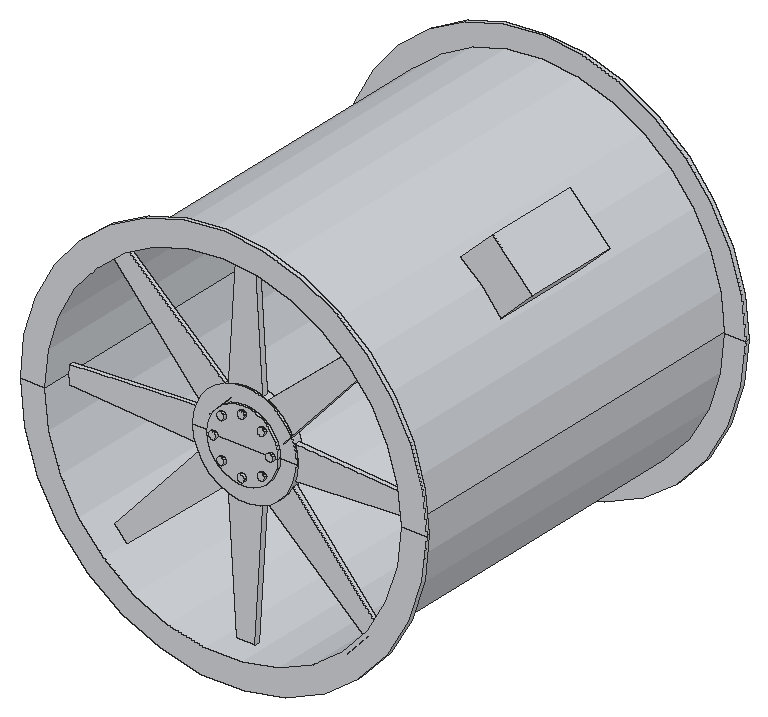
Revit family "CADS_Vent-Axia_MechEquip_Fan_LCA_500_1Ph4P - SUPPLY", category Mechanical Equipment, Revit 2020
Family settings
  Round Connector Dimension = Use Diameter
  Part Type = Normal
  OmniClass Number = 23.75.00.00
  OmniClass Title = Climate Control (HVAC)
  Work Plane-Based = No
  Always vertical = Yes
  Cut with Voids When Loaded = No
  Shared = No
  Room Calculation Point = No
Parameters (values of type "LCA501410")
  nr = NominalDiameter / 2  # 250 mm
  WorkingPressure = 0.0 Pa
  WarrantyStartDate [instance] = "1900-12-31T23:59:59"
  WarrantyPeriod = ""
  WarrantyIdentifier = "N/A"
  WarrantyGuarantorParts = "tech@vent-axia.com"
  WarrantyGuarantorLabor = "tech@vent-axia.com"
  WarrantyGuarantor = "Vent-Axia Limited"
  WarrantyEndDate [instance] = "1900-12-31T23:59:59"
  WarrantyContent = ""
  TemperatureRange = ""
  TagNumber [instance] = "N/A"
  SustainabilityPerformance = ""
  Status = "New"
  Size = ""
  Shape = ""
  ServiceLifeType = ""
  ServiceLifeDuration = ""
  SerialNumber [instance] = "N/A"
  ReplacementCost = ""
  RatedVoltage = 0 V
  RatedCurrent = 0 A
  Quantity = 1
  ProductionYear = ""
  PressureCurve = ""
  PowerFactor = ""
  PointOfContact = ""
  NumberOfPoles = 0
  NominalWidth = 500 mm
  NominalLength = 565 mm
  NominalHeight = 500 mm
  NominalFrequencyRange = ""
  NominalDiameter = 500 mm
  ModelReference = "LCAX 500mm 1PH 4P 10DEG"
  ModelNumber = "LCA501410"
  Material = ""
  ManufacturerE-Mail = "tech@vent-axia.com"
  ManufacturerAddress = "Fleming Way\nCrawley \nRH10 9YX"
  IsExtendedWarranty = no
  InsulationStandardClass = ""
  InstallationDate [instance] = "1900-12-31T23:59:59"
  IfcExportType [instance] = ""
  IfcExportAs = "IfcFanType"
  IP_Code = ""
  HasProtectiveEarth = no
  GrossWeight = 0.00 kg
  Grade = ""
  GlobalTradeItemNumber [instance] = "N/A"
  Fitting Type = "Ignore"
  Finish = ""
  Features = ""
  ExteriorInsulation = no
  ExpectedServiceLife = 0
  Exclusions = ""
  DurationUnit = "Year"
  Default Elevation = 0 mm
  Constituents = ""
  ConductorFunction = ""
  Color = ""
  CodePerformance = ""
  Category = ""
  CADS_Usage = 0
  CADS_Index = 0
  AssetType = "FIXED"
  AssetIdentifier [instance] = "N/A"
  AssemblyPlace = "UNKNOWN"
  ArticleNumber [instance] = "N/A"
  AirflowRateRange = 0.0 L/s
  Air Flow [instance] = 0.0 L/s
  AccessibilityPerformance = ""
Types (16, lengths in mm): name | ModelReference | ModelNumber
  LCA501410 | "LCAX 500mm 1PH 4P 10DEG" | "LCA501410"
  LCA501412 | "LCAX 500mm 1PH 4P 12DEG" | "LCA501412"
  LCA501414 | "LCAX 500mm 1PH 4P 14DEG" | "LCA501414"
  LCA501416 | "LCAX 500mm 1PH 4P 16DEG" | "LCA501416"
  LCA501418 | "LCAX 500mm 1PH 4P 18DEG" | "LCA501418"
  LCA501420 | "LCAX 500mm 1PH 4P 20DEG" | "LCA501420"
  LCA501422 | "LCAX 500mm 1PH 4P 22DEG" | "LCA501422"
  LCA501424 | "LCAX 500mm 1PH 4P 24DEG" | "LCA501424"
  LCA501426 | "LCAX 500mm 1PH 4P 26DEG" | "LCA501426"
  LCA501428 | "LCAX 500mm 1PH 4P 28DEG" | "LCA501428"
  LCA501430 | "LCAX 500mm 1PH 4P 30DEG" | "LCA501430"
  LCA501432 | "LCAX 500mm 1PH 4P 32DEG" | "LCA501432"
  LCA501434 | "LCAX 500mm 1PH 4P 34DEG" | "LCA501434"
  LCA501436 | "LCAX 500mm 1PH 4P 36DEG" | "LCA501436"
  LCA501438 | "LCAX 500mm 1PH 4P 38DEG" | "LCA501438"
  LCA501440 | "LCAX 500mm 1PH 4P 40DEG" | "LCA501440"
Reference planes
  plane 1 "Center (Front/Back)": y = 0
  plane 2: z = 0
  plane 3 "Center (Left/Right)": x = 0
  plane 4: x = -250
  plane 5: x = 250
  plane 6 "F": y = -282.5
  plane 7 "B": y = 282.5
  plane 8: x = -285
  plane 9: y = 277.5
  plane 10: y = -277.5
  plane 11: x = -255
  plane 12: y = -242.5
  plane 13 "top": z = 250
  plane 14: z = -250
  plane 15 "45deg": through (0, -1524, 0) normal (-0.7071, 0, -0.7071)
  plane 16 "C": through (0, -1524, 0) normal (-0.7071, 0, 0.7071)
Forms (mm)
  Revolve 1, solid
    sketch origin (0, 0, 0) x (1, 0, 0) y (0, 1, 0)
      loop
        line (-285, -282.5) -> (-250, -282.5) -> (-250, 282.5) -> (-285, 282.5) -> (-285, 277.5) -> (-255, 277.5) -> (-255, -277.5) -> (-285, -277.5) -> (-285, -282.5)
      axis (0, 282.5) -> (0, -282.5)
    angle from 0 to 360
  Sweep 2, solid
    path origin (0, 0, 0) x (1, 0, 0) y (0, 0, 1)
      loop
        line (176.777, 176.777) -> (222.739, 222.739)
    profile origin (199.758, 0, 199.758) x (-0.707107, 0, 0.707107) y (0, -1, 0)
      loop
        line (37.5, 55) -> (-42.73, 55) -> (-42.73, -79.5) -> (37.5, -79.5) -> (37.5, 55)
Dimensions and locks
  equal spacing: plane 4, plane 3 "Center (Left/Right)", plane 5
  equal spacing: plane 7 "B", plane 1 "Center (Front/Back)", plane 6 "F"
  "NominalLength": plane 7 "B" to plane 6 "F"
  "NominalDiameter": plane 4 to plane 5
  locked: plane 11 to plane 4 at 5
  locked: plane 8 to plane 11 at 30
  locked: plane 6 "F" to plane 10 at 5
  locked: plane 7 "B" to plane 9 at 5
  locked: plane 6 "F" to plane 12 at 40
  equal spacing: plane 13 "top", level, plane 14
  "NominalDiameter": plane 13 "top" to plane 14
  "nr": Sweep 2 sketch curve to nested 13
  Sweep 2 sketch curve to Sweep 2 sketch curve = 65 mm
  aligned and locked: level to plane 2
  aligned and locked: nested 1 to plane 12
Automatic sketch dimensions
  plane 6 "F" to Revolve 1 sketch curve = 0 mm
  Revolve 1 sketch curve to plane 8 = 0 mm  (x2)
  plane 10 to Revolve 1 sketch curve = 0 mm
  Revolve 1 sketch curve to plane 11 = 0 mm
  Revolve 1 sketch curve to plane 4 = 0 mm
  Revolve 1 sketch curve to plane 3 "Center (Left/Right)" = 0 mm
  plane 1 "Center (Front/Back)" to Revolve 1 sketch curve = 0 mm
  Revolve 1 sketch curve to plane 9 = 0 mm
  Revolve 1 sketch curve to plane 7 "B" = 0 mm
  plane 6 "F" to Revolve 1 sketch curve = 115 mm
  plane 1 "Center (Front/Back)" to Sweep 2 sketch curve = 55 mm
  Sweep 2 sketch curve to profile plane = 37.5 mm
  Sweep 2 sketch curve to Sweep 2 sketch curve = 80.23 mm
  Sweep 2 sketch curve to Sweep 2 sketch curve = 134.5 mm
  Sweep 2 sketch curve to plane 16 "C" = 0 mm  (x2)
Nested families
  nested 1: "Fan for ESC" at (0, -242.5, 0), ND <- "NominalDiameter", type "Fan for ESC"
    with hub 50 mm, ND 500 mm, BoltPCD 40 mm, Bolt Count 8, B_Diam 10 mm
  nested 2: "Bolts" at (0, -251.672, -40) x (-1, 0, 0) z (0, 1, 0), type "Bolts"
    with bd 10 mm
  nested 3: "Bolts" at (-28.284, -251.672, -28.284) x (-0.7071, 0, 0.7071) z (0, 1, 0), type "Bolts"
    with bd 10 mm
  nested 4: "Bolts" at (-40, -251.672, 0) x (0, 0, 1) z (0, 1, 0), type "Bolts"
    with bd 10 mm
  nested 5: "Bolts" at (-28.284, -251.672, 28.284) x (0.7071, 0, 0.7071) z (0, 1, 0), type "Bolts"
    with bd 10 mm
  nested 6: "Bolts" at (28.284, -251.672, 28.284) x (0.7071, 0, -0.7071) z (0, 1, 0), type "Bolts"
    with bd 10 mm
  nested 7: "Bolts" at (0, -251.672, 40) x (1, 0, 0) z (0, 1, 0), type "Bolts"
    with bd 10 mm
  nested 8: "ESC Blade" at (0, -242.5, 0), type "ESC Blade"
    with a 20.00°, HR 50 mm, HD 100 mm, BT 25 mm, BR 200 mm, BH 40 mm, BD 500 mm, BB 50 mm
  nested 9: "ESC Blade" at (0, -242.5, 0) x (0.7071, 0, -0.7071) z (0.7071, 0, 0.7071), type "ESC Blade"
    with a 20.00°, HR 50 mm, HD 100 mm, BT 25 mm, BR 200 mm, BH 40 mm, BD 500 mm, BB 50 mm
  nested 10: "ESC Blade" at (0, -242.5, 0) x (0, 0, -1) z (1, 0, 0), type "ESC Blade"
    with a 20.00°, HR 50 mm, HD 100 mm, BT 25 mm, BR 200 mm, BH 40 mm, BD 500 mm, BB 50 mm
  nested 11: "ESC Blade" at (0, -242.5, 0) x (-0.7071, 0, -0.7071) z (0.7071, 0, -0.7071), type "ESC Blade"
    with a 20.00°, HR 50 mm, HD 100 mm, BT 25 mm, BR 200 mm, BH 40 mm, BD 500 mm, BB 50 mm
  nested 12: "ESC Blade" at (0, -242.5, 0) x (-1, 0, 0) z (0, 0, -1), type "ESC Blade"
    with a 20.00°, HR 50 mm, HD 100 mm, BT 25 mm, BR 200 mm, BH 40 mm, BD 500 mm, BB 50 mm
  nested 13: "ESC Blade" at (0, -242.5, 0) x (-0.7071, 0, -0.7071) z (-0.7071, 0, 0.7071), type "ESC Blade"
    with a 20.00°, HR 50 mm, HD 100 mm, BT 25 mm, BR 200 mm, BH 40 mm, BD 500 mm, BB 50 mm
  nested 14: "ESC Blade" at (0, -242.5, 0) x (0, 0, -1) z (-1, 0, 0), type "ESC Blade"
    with a 20.00°, HR 50 mm, HD 100 mm, BT 25 mm, BR 200 mm, BH 40 mm, BD 500 mm, BB 50 mm
  nested 15: "ESC Blade" at (0, -242.5, 0) x (0.7071, 0, -0.7071) z (-0.7071, 0, -0.7071), type "ESC Blade"
    with a 20.00°, HR 50 mm, HD 100 mm, BT 25 mm, BR 200 mm, BH 40 mm, BD 500 mm, BB 50 mm
  nested 16: "Bolts" at (40, -251.672, 0) x (0, 0, -1) z (0, 1, 0), type "Bolts"
    with bd 10 mm
  nested 17: "Bolts" at (28.284, -251.672, -28.284) x (-0.7071, 0, -0.7071) z (0, 1, 0), type "Bolts"
    with bd 10 mm
Connectors
  hvac at (0, -282.5, 0), driven by "NominalDiameter", driven by "Air Flow"
    settings: on Revolve 1, index 1, duct flow 0.0 L/s, flow factor 0, pres drop 0.0 Pa, loss coef 0, conn angle 0.00°, conn width 304.8 mm, conn height 304.8 mm, conn diameter 500 mm, duct sys type 1, conn prof type 0, flow config 1, flow direction 1, loss method 0, conn ref index -1, conn util no, is conn primary yes, conn desc ""
  hvac at (0, 282.5, 0), driven by "NominalDiameter", driven by "Air Flow"
    settings: on Revolve 1, index 2, duct flow 0.0 L/s, flow factor 0, pres drop 0.0 Pa, loss coef 0, conn angle 0.00°, conn width 304.8 mm, conn height 304.8 mm, conn diameter 500 mm, duct sys type 1, conn prof type 0, flow config 0, flow direction 2, loss method 0, conn ref index -1, conn util no, is conn primary no, conn desc ""
Definition of nested family "Fan for ESC"
  Parameters (values of type "Fan for ESC")
    hub [instance] = ND / 10  # 56.7 mm
    ND [instance] = 567 mm
    Model = "."
    Default Elevation = 0 mm
    BoltPCD [instance] = hub - (hub * 0.2)  # 45.36 mm
    Bolt Count [instance] = if(hub < 50 mm, 6, 8)  # 8
    B_Diam [instance] = if(hub < 50 mm, 5 mm, 10 mm)  # 10 mm
  Reference planes
    plane 1 "Center (Front/Back)": y = 0
    plane 2: z = 0
    plane 3 "Center (Left/Right)": x = 0
    plane 4 "back": y = 20
    plane 5 "bolts": y = -9.172
    plane 6 "B": z = 56.7
    plane 7: x = -79.287
    plane 8: x = -56.7
    plane 9 "hubface": y = -6.172
  Forms (mm)
    Revolve 1, solid
      sketch origin (0, 0, 0) x (1, 0, 0) y (0, 1, 0)
        loop
          line (0, 20) -> (-56.7, 20) -> (-56.7, 10.504) -> (-79.287, 10.504) -> (-79.287, -2.597) -> (-56.7, -2.597) -> (-56.7, -6.172) -> (0, -6.172) -> (0, 20)
        axis (0, 20) -> (0, -6.172)
      angle from 0 to 360
    Extrusion 2, solid, not visible
      sketch origin (0, -6.347, -4) x (-1, 0, 0) y (0, 0, 1)
        loop
          circle (0, 84) r 5
      from 0 to 3
  Lines and regions (mm)
    symbolic lines
      curve 1: circle (0, -9.172, 0) r 45.36 normal (0, 1, 0)
    model lines, not visible
      curve 2: line (0, -6.347, 85) -> (0, -6.347, 75)
  Dimensions and locks
    "hub": plane 6 "B" to plane 2
    "hub": nested 3 to plane 3 "Center (Left/Right)"
    "hub": nested 4 to plane 3 "Center (Left/Right)"
    "hub": nested 5 to plane 3 "Center (Left/Right)"
    "hub": plane 3 "Center (Left/Right)" to nested 6
    "hub": Revolve 1 sketch curve to Revolve 1 sketch curve
    "hub": plane 3 "Center (Left/Right)" to nested 7
    "hub": plane 3 "Center (Left/Right)" to nested 8
    "hub": plane 3 "Center (Left/Right)" to nested 9
    "hub": plane 8 to plane 3 "Center (Left/Right)"
    plane 7 to plane 8 = 22.587 mm
    diameter of Extrusion 2 sketch curve = 10 mm
    "BoltPCD": radius of curve 1
    "BoltPCD": radius of radial array
    aligned and locked: level to plane 2
    aligned and locked: plane 6 "B" to nested 1
  Automatic sketch dimensions
    Revolve 1 sketch curve to plane 7 = 0 mm
    Revolve 1 sketch curve to plane 8 = 0 mm  (x2)
    Revolve 1 sketch curve to plane 3 "Center (Left/Right)" = 0 mm
    Revolve 1 sketch curve to plane 9 "hubface" = 0 mm
    plane 4 "back" to Revolve 1 sketch curve = 0 mm
    plane 1 "Center (Front/Back)" to Revolve 1 sketch curve = 2.597 mm
    plane 4 "back" to Revolve 1 sketch curve = 9.496 mm
    Revolve 1 sketch curve to Revolve 1 sketch curve = 5 mm
    Revolve 1 sketch curve to plane 4 "back" = 45 mm
    curve 1 to level = 0 mm
    curve 1 to plane 3 "Center (Left/Right)" = 0 mm
  Nested families
    nested 1: "ESC Blade" at (0, 0, 0), BD <- "ND", HD <- "hub", type "ESC Blade"
      with a 20.00°, HR 56.7 mm, HD 113.4 mm, BT 28.35 mm, BR 226.8 mm, BH 40 mm, BD 567 mm, BB 56.7 mm
    nested 2: "ESC Blade" at (0, 0, 755), BD <- "ND", HD <- "hub", type "ESC Blade", not visible
      with a 20.00°, HR 56.7 mm, HD 113.4 mm, BT 28.35 mm, BR 226.8 mm, BH 40 mm, BD 567 mm, BB 56.7 mm
    nested 3: "ESC Blade" at (0, 0, 0) x (0.7071, 0, -0.7071) z (0.7071, 0, 0.7071), BD <- "ND", HD <- "hub", type "ESC Blade"
      with a 20.00°, HR 56.7 mm, HD 113.4 mm, BT 28.35 mm, BR 226.8 mm, BH 40 mm, BD 567 mm, BB 56.7 mm
    nested 4: "ESC Blade" at (0, 0, 0) x (0, 0, -1) z (1, 0, 0), BD <- "ND", HD <- "hub", type "ESC Blade"
      with a 20.00°, HR 56.7 mm, HD 113.4 mm, BT 28.35 mm, BR 226.8 mm, BH 40 mm, BD 567 mm, BB 56.7 mm
    nested 5: "ESC Blade" at (0, 0, 0) x (-0.7071, 0, -0.7071) z (0.7071, 0, -0.7071), BD <- "ND", HD <- "hub", type "ESC Blade"
      with a 20.00°, HR 56.7 mm, HD 113.4 mm, BT 28.35 mm, BR 226.8 mm, BH 40 mm, BD 567 mm, BB 56.7 mm
    nested 6: "ESC Blade" at (0, 0, 0) x (-1, 0, 0) z (0, 0, -1), BD <- "ND", HD <- "hub", type "ESC Blade"
      with a 20.00°, HR 56.7 mm, HD 113.4 mm, BT 28.35 mm, BR 226.8 mm, BH 40 mm, BD 567 mm, BB 56.7 mm
    nested 7: "ESC Blade" at (0, 0, 0) x (-0.7071, 0, -0.7071) z (-0.7071, 0, 0.7071), BD <- "ND", HD <- "hub", type "ESC Blade"
      with a 20.00°, HR 56.7 mm, HD 113.4 mm, BT 28.35 mm, BR 226.8 mm, BH 40 mm, BD 567 mm, BB 56.7 mm
    nested 8: "ESC Blade" at (0, 0, 0) x (0, 0, -1) z (-1, 0, 0), BD <- "ND", HD <- "hub", type "ESC Blade"
      with a 20.00°, HR 56.7 mm, HD 113.4 mm, BT 28.35 mm, BR 226.8 mm, BH 40 mm, BD 567 mm, BB 56.7 mm
    nested 9: "ESC Blade" at (0, 0, 0) x (0.7071, 0, -0.7071) z (-0.7071, 0, -0.7071), BD <- "ND", HD <- "hub", type "ESC Blade"
      with a 20.00°, HR 56.7 mm, HD 113.4 mm, BT 28.35 mm, BR 226.8 mm, BH 40 mm, BD 567 mm, BB 56.7 mm
    nested 10: "Bolts" at (0, -9.172, 45.36) x (1, 0, 0) z (0, 1, 0), bd <- "B_Diam", type "Bolts"
      with bd 10 mm
    nested 11: "Bolts" at (32.074, -9.172, 32.074) x (0.7071, 0, -0.7071) z (0, 1, 0), bd <- "B_Diam", type "Bolts"
      with bd 10 mm
    nested 12: "Bolts" at (-32.074, -9.172, 32.074) x (0.7071, 0, 0.7071) z (0, 1, 0), bd <- "B_Diam", type "Bolts"
      with bd 10 mm
    nested 13: "Bolts" at (-45.36, -9.172, 0) x (0, 0, 1) z (0, 1, 0), bd <- "B_Diam", type "Bolts"
      with bd 10 mm
    nested 14: "Bolts" at (-32.074, -9.172, -32.074) x (-0.7071, 0, 0.7071) z (0, 1, 0), bd <- "B_Diam", type "Bolts"
      with bd 10 mm
    nested 15: "Bolts" at (0, -9.172, -45.36) x (-1, 0, 0) z (0, 1, 0), bd <- "B_Diam", type "Bolts"
      with bd 10 mm
    nested 16: "Bolts" at (32.074, -9.172, -32.074) x (-0.7071, 0, -0.7071) z (0, 1, 0), bd <- "B_Diam", type "Bolts"
      with bd 10 mm
    nested 17: "Bolts" at (45.36, -9.172, 0) x (0, 0, -1) z (0, 1, 0), bd <- "B_Diam", type "Bolts"
      with bd 10 mm
  Definition of nested family "ESC Blade"
    Parameters (values of type "ESC Blade")
      a [instance] = 20.00°
      HR [instance] = HD / 2  # 30 mm
      HD [instance] = BD / 5  # 60 mm
      Default Elevation = 1219.2 mm
      BT [instance] = BD / 20  # 15 mm
      BR [instance] = (BD / 2) - HR  # 120 mm
      BH [instance] = 40 mm
      BD [instance] = 300 mm
      BB [instance] = BD / 10  # 30 mm
    Reference planes
      plane 1 "Center (Front/Back)": y = 0
      plane 2: z = 0
      plane 3 "Center (Left/Right)": x = 0
      plane 4 "Blade Bot": z = 30
      plane 5: x = -15
      plane 6: x = 15
      plane 7: x = -7.5
      plane 8: x = 7.5
    Forms (mm)
      Blend 1, solid
        base sketch origin (0, 0, 30) x (-1, 0, 0) y (0, -1, 0)
          loop
            line (15, 0) -> (-15, 0) -> (-15, -6) -> (15, -6) -> (15, 0)
        top sketch origin (0, 0, 30) x (-1, 0, 0) y (0, -1, 0)
          loop
            line (7.5, -6) -> (7.5, 0) -> (-7.5, 0) -> (-7.5, -6) -> (7.5, -6)
        from 0 to 120 <- "BR"
    Dimensions and locks
      "HR": plane 4 "Blade Bot" to level
      equal spacing: plane 8, plane 3 "Center (Left/Right)", plane 7
      "BT": plane 8 to plane 7
      equal spacing: plane 6, plane 3 "Center (Left/Right)", plane 5
      "BB": plane 6 to plane 5
      aligned and locked: level to plane 2
    Automatic sketch dimensions
      plane 1 "Center (Front/Back)" to Blend 1 sketch curve = 0 mm  (x2)
      Blend 1 sketch curve to plane 6 = 0 mm
      Blend 1 sketch curve to plane 5 = 0 mm
      Blend 1 sketch curve to plane 1 "Center (Front/Back)" = 6 mm  (x2)
      Blend 1 sketch curve to plane 8 = 0 mm
      Blend 1 sketch curve to plane 7 = 0 mm
  Definition of nested family "Bolts"
    Parameters
      bd [instance] = 10 mm
      Default Elevation = 1219.2 mm
    Reference planes
      plane 1 "Center (Front/Back)": y = 0
      plane 2: z = 0
      plane 3 "Center (Left/Right)": x = 0
    Forms (mm)
      Extrusion 1, solid
        sketch origin (0, 0, 0) x (1, 0, 0) y (0, 1, 0)
          loop
            line (-1219.2, 1219.2) -> (-1219.2, -1219.2) -> (1219.2, -1219.2) -> (1219.2, 1219.2) -> (-1219.2, 1219.2)
        from 0 to -304.8
      Extrusion 2, solid
        sketch origin (0, 0, 0) x (1, 0, 0) y (0, 1, 0)
          loop
            circle (0, 0) r 5
        from 0 to 3
    Dimensions and locks
      "bd": diameter of Extrusion 2 sketch curve
      aligned and locked: plane 2 to Extrusion 1
      aligned and locked: level to Extrusion 1
    Automatic sketch dimensions
      Extrusion 1 sketch curve to Extrusion 1 sketch curve = 2438.4 mm  (x2)
      plane 1 "Center (Front/Back)" to Extrusion 2 sketch curve = 0 mm
      Extrusion 2 sketch curve to plane 3 "Center (Left/Right)" = 0 mm
Definition of nested family "Bolts"
  Parameters
    bd [instance] = 10 mm
    Default Elevation = 1219.2 mm
  Reference planes
    plane 1 "Center (Front/Back)": y = 0
    plane 2: z = 0
    plane 3 "Center (Left/Right)": x = 0
  Forms (mm)
    Extrusion 1, solid
      sketch origin (0, 0, 0) x (1, 0, 0) y (0, 1, 0)
        loop
          line (-1219.2, 1219.2) -> (-1219.2, -1219.2) -> (1219.2, -1219.2) -> (1219.2, 1219.2) -> (-1219.2, 1219.2)
      from 0 to -304.8
    Extrusion 2, solid
      sketch origin (0, 0, 0) x (1, 0, 0) y (0, 1, 0)
        loop
          circle (0, 0) r 5
      from 0 to 3
  Dimensions and locks
    "bd": diameter of Extrusion 2 sketch curve
    aligned and locked: plane 2 to Extrusion 1
    aligned and locked: level to Extrusion 1
  Automatic sketch dimensions
    Extrusion 1 sketch curve to Extrusion 1 sketch curve = 2438.4 mm  (x2)
    plane 1 "Center (Front/Back)" to Extrusion 2 sketch curve = 0 mm
    Extrusion 2 sketch curve to plane 3 "Center (Left/Right)" = 0 mm
Definition of nested family "ESC Blade"
  Parameters (values of type "ESC Blade")
    a [instance] = 20.00°
    HR [instance] = HD / 2  # 30 mm
    HD [instance] = BD / 5  # 60 mm
    Default Elevation = 1219.2 mm
    BT [instance] = BD / 20  # 15 mm
    BR [instance] = (BD / 2) - HR  # 120 mm
    BH [instance] = 40 mm
    BD [instance] = 300 mm
    BB [instance] = BD / 10  # 30 mm
  Reference planes
    plane 1 "Center (Front/Back)": y = 0
    plane 2: z = 0
    plane 3 "Center (Left/Right)": x = 0
    plane 4 "Blade Bot": z = 30
    plane 5: x = -15
    plane 6: x = 15
    plane 7: x = -7.5
    plane 8: x = 7.5
  Forms (mm)
    Blend 1, solid
      base sketch origin (0, 0, 30) x (-1, 0, 0) y (0, -1, 0)
        loop
          line (15, 0) -> (-15, 0) -> (-15, -6) -> (15, -6) -> (15, 0)
      top sketch origin (0, 0, 30) x (-1, 0, 0) y (0, -1, 0)
        loop
          line (7.5, -6) -> (7.5, 0) -> (-7.5, 0) -> (-7.5, -6) -> (7.5, -6)
      from 0 to 120 <- "BR"
  Dimensions and locks
    "HR": plane 4 "Blade Bot" to level
    equal spacing: plane 8, plane 3 "Center (Left/Right)", plane 7
    "BT": plane 8 to plane 7
    equal spacing: plane 6, plane 3 "Center (Left/Right)", plane 5
    "BB": plane 6 to plane 5
    aligned and locked: level to plane 2
  Automatic sketch dimensions
    plane 1 "Center (Front/Back)" to Blend 1 sketch curve = 0 mm  (x2)
    Blend 1 sketch curve to plane 6 = 0 mm
    Blend 1 sketch curve to plane 5 = 0 mm
    Blend 1 sketch curve to plane 1 "Center (Front/Back)" = 6 mm  (x2)
    Blend 1 sketch curve to plane 8 = 0 mm
    Blend 1 sketch curve to plane 7 = 0 mm
